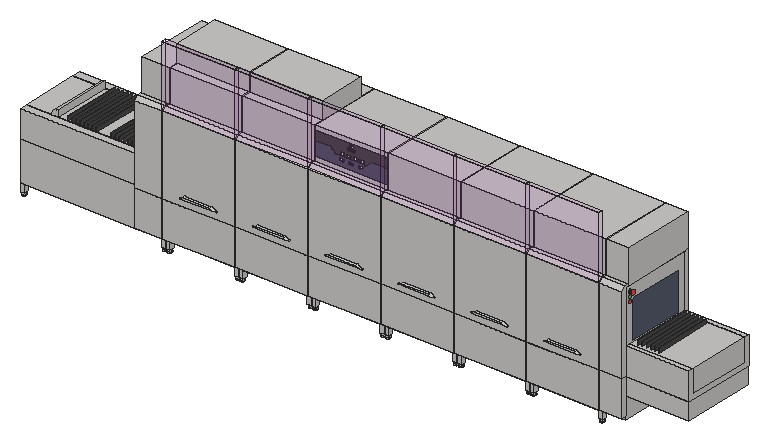
Revit family "QF_ELECTROLUXPROFESSIONAL_520130_EFTD108EL2U3D1M5ER386", category Attrezzature speciali, Revit 2020
Family settings
  Quota connettore circolare = Usa diametro
  Tipo di parte = Normale
  Basato su piano di lavoro = No
  Sempre verticale = Sì
  Taglio con vuoti quando caricato = No
  Condiviso = No
  Punto di calcolo locali = No
Parameters (values of type "Standard")
  Weight = 1602.00 kg
  Watts = 87700 W
  Volts = 380 V
  URL Manufacturer = "https://www.electroluxprofessional.com/"
  URL = "https://www.electroluxprofessional.com/"
  Steam Supply Size = 0 mm
  Steam Supply Minimum Pressure = 0.0 Pa
  Steam Supply Maximum Pressure = 0.0 Pa
  Steam Consumption per Hour = 0
  Show Logo [instance] = yes
  Show Clearance [instance] = yes
  Refrigeration Suction Line Size = 0 mm
  Refrigeration Liquid Line Size = 0 mm
  Refrigerant Compressor Remote = yes
  Prospetto di default = 0 mm
  Produttore = "Electrolux Professional"
  Phase = 3
  Modello = "EFTD108EL2U3D1M5ER386"
  Length Actual = 7350 mm  # constant formula
  Item Number = "520130"
  Hot Water Size = 0 mm
  Height Actual = 1983 mm  # constant formula
  HP = "117.6 HP"
  Gas Size = 0 mm
  Gas KW = 0
  Gas Input Pressure = 0 W
  Direct Waste Size = 50.8 mm
  Descrizione = "FT, 4TANKS, 10800D/H, EL., 950MM LOADING, 1600MM UNLOADING, 1DRYER, 55MM CONVEYOR,ESD,R>L,380V60HZ3P"
  Depth Actual = 946 mm  # constant formula
  Cycle = 60 Hz
  Condensate Return Size = 0 mm
  Compressed Air Volume = 0.0 L/s
  Compressed Air Size = 0 mm
  Compressed Air Pressure = 0.0 Pa
  Cold Water Size = 0 mm
  Accessory = yes
Reference planes
  plane 1 "Centro (Fronte/Retro)": y = 0
  plane 2: z = 0
  plane 3 "Centro (Sinistra/Destra)": x = 0
  plane 4: z = 115
Forms (mm)
  Extrusion 1, solid, material "QF_Finishes_Stainless Steel"
    sketch origin (2882.404, 2, 1806.023) x (1, 0, 0) y (0, 0, 1)
      loop
        line (407.596, -163.023) -> (407.596, -183.023) -> (427.596, -183.023) -> (427.596, -163.023) -> (407.596, -163.023)
    from 0 to 2
  Extrusion 2, solid, material "QF_Finishes_Stainless Steel"
    sketch origin (-5.617, 22.464, 1290.159) x (0, 0, -1) y (0, 1, 0)
      loop
        circle (1102.159, -772.464) r 25
    from -9.383 to 5.617
  Extrusion 3, solid, material "QF_Finishes_Stainless Steel"
    sketch origin (3542.404, 2, 337.984) x (1, 0, 0) y (0, 0, 1)
      loop
        line (407.596, -163.023) -> (407.596, -183.023) -> (427.596, -183.023) -> (427.596, -163.023) -> (407.596, -163.023)
    from 0 to 2
  Extrusion 4, solid, material "QF_Finishes_Stainless Steel"
    sketch origin (947.841, 200.464, 109.383) x (1, 0, 0) y (0, 1, 0)
      loop
        circle (1102.159, -772.464) r 10
    from -9.383 to 5.617
Dimensions and locks
  plane 4 to level = 115 mm
  aligned and locked: level to plane 2
Nested families
  nested 1: "MODULO_CENTER_800_FAN" at (1983.563, -388.258, 0), Show Clearance <- "Show Clearance", type "MODULO_CENTER_800_FAN"
    with Show Logo yes, Show Clearance yes, R_L no, L_R yes
  nested 2: "MODULO_CENTER_800_FAN" at (2783.563, -388.258, 0), Show Clearance <- "Show Clearance", type "MODULO_CENTER_800_FAN"
    with Show Logo yes, Show Clearance yes, R_L no, L_R yes
  nested 3: "MODULO_CENTER_800" at (3583.563, -388.258, 0), Show Clearance <- "Show Clearance", type "MODULO_CENTER_800"
    with Show Logo yes, Show Clearance yes, R_L no, L_R yes
  nested 4: "MODULO_ENTRY_DISH_950" at (6791.437, -523.742, 0) x (-1, 0, 0) z (0, 0, 1), type "MODULO_ENTRY_DISH_950"
    with Show Logo yes, Show Clearance yes, R_L yes, L_R no
  nested 5: "MODULO_USCITA_DISH_1600" at (1241.437, -523.742, 0) x (-1, 0, 0) z (0, 0, 1), type "MODULO_USCITA_DISH_1600"
    with Show Logo yes, Show Clearance yes, R_L no, L_R yes
  nested 6: "Piedino_Square_115H" at (23.5, -838.5, 0), type "Piedino_Square_115H"
  nested 7: "Piedino_Square_115H" at (23.5, -73.5, 0), type "Piedino_Square_115H"
  nested 8: "Piedino_Square_115H" at (1576.5, -838.5, 0), type "Piedino_Square_115H"
  nested 9: "Piedino_Square_115H" at (1576.5, -73.5, 0), type "Piedino_Square_115H"
  nested 10: "Piedino_Square_115H" at (1623.5, -838.5, 0), type "Piedino_Square_115H"
  nested 11: "Piedino_Square_115H" at (1623.5, -73.5, 0), type "Piedino_Square_115H"
  nested 12: "Piedino_Square_115H" at (2376.5, -838.5, 0), type "Piedino_Square_115H"
  nested 13: "Piedino_Square_115H" at (2376.5, -73.5, 0), type "Piedino_Square_115H"
  nested 14: "Piedino_Square_115H" at (2423.5, -838.5, 0) x (-1, 0, 0) z (0, 0, 1), type "Piedino_Square_115H"
  nested 15: "Piedino_Square_115H" at (2423.5, -73.5, 0) x (-1, 0, 0) z (0, 0, 1), type "Piedino_Square_115H"
  nested 16: "Piedino_Square_115H" at (3176.5, -838.5, 0) x (-1, 0, 0) z (0, 0, 1), type "Piedino_Square_115H"
  nested 17: "Piedino_Square_115H" at (3176.5, -73.5, 0) x (-1, 0, 0) z (0, 0, 1), type "Piedino_Square_115H"
  nested 18: "Piedino_Square_115H" at (3223.5, -838.5, 0), type "Piedino_Square_115H"
  nested 19: "Piedino_Square_115H" at (3223.5, -73.5, 0), type "Piedino_Square_115H"
  nested 20: "Piedino_Square_115H" at (3976.5, -838.5, 0), type "Piedino_Square_115H"
  nested 21: "Piedino_Square_115H" at (3976.5, -73.5, 0), type "Piedino_Square_115H"
  nested 22: "MANIGLIA_FLIGHT_400" at (3600, -912, 639.28) x (1, 0, 0) z (0, -1, 0), type "MANIGLIA_FLIGHT_400"
  nested 23: "MANIGLIA_FLIGHT_400" at (2800, -912, 639.28) x (1, 0, 0) z (0, -1, 0), type "MANIGLIA_FLIGHT_400"
  nested 24: "MANIGLIA_FLIGHT_400" at (2000, -912, 639.28) x (1, 0, 0) z (0, -1, 0), type "MANIGLIA_FLIGHT_400"
  nested 25: "MODULO_CENTER_800" at (4416.437, -388.258, 0) x (-1, 0, 0) z (0, 0, 1), Show Clearance <- "Show Clearance", type "MODULO_CENTER_800"
    with Show Logo yes, Show Clearance yes, R_L no, L_R yes
  nested 26: "Piedino_Square_115H" at (4776.5, -838.5, 0) x (-1, 0, 0) z (0, 0, 1), type "Piedino_Square_115H"
  nested 27: "Piedino_Square_115H" at (4776.5, -73.5, 0) x (-1, 0, 0) z (0, 0, 1), type "Piedino_Square_115H"
  nested 28: "Piedino_Square_115H" at (4023.5, -838.5, 0) x (-1, 0, 0) z (0, 0, 1), type "Piedino_Square_115H"
  nested 29: "Piedino_Square_115H" at (4023.5, -73.5, 0) x (-1, 0, 0) z (0, 0, 1), type "Piedino_Square_115H"
  nested 30: "MANIGLIA_FLIGHT_400" at (4400, -912, 639.28) x (-1, 0, 0) z (0, -1, 0), type "MANIGLIA_FLIGHT_400"
  nested 31: "MODULO_CENTER_800" at (5183.563, -388.258, 0), Show Clearance <- "Show Clearance", type "MODULO_CENTER_800"
    with Show Logo yes, Show Clearance yes, R_L no, L_R yes
  nested 32: "Piedino_Square_115H" at (4823.5, -838.5, 0), type "Piedino_Square_115H"
  nested 33: "Piedino_Square_115H" at (4823.5, -73.5, 0), type "Piedino_Square_115H"
  nested 34: "Piedino_Square_115H" at (5576.5, -838.5, 0), type "Piedino_Square_115H"
  nested 35: "Piedino_Square_115H" at (5576.5, -73.5, 0), type "Piedino_Square_115H"
  nested 36: "MANIGLIA_FLIGHT_400" at (5200, -912, 639.28) x (1, 0, 0) z (0, -1, 0), type "MANIGLIA_FLIGHT_400"
  nested 37: "MODULO_CENTER_800" at (6016.437, -388.258, 0) x (-1, 0, 0) z (0, 0, 1), Show Clearance <- "Show Clearance", type "MODULO_CENTER_800"
    with Show Logo yes, Show Clearance yes, R_L no, L_R yes
  nested 38: "Piedino_Square_115H" at (6376.5, -838.5, 0) x (-1, 0, 0) z (0, 0, 1), type "Piedino_Square_115H"
  nested 39: "Piedino_Square_115H" at (6376.5, -73.5, 0) x (-1, 0, 0) z (0, 0, 1), type "Piedino_Square_115H"
  nested 40: "Piedino_Square_115H" at (5623.5, -838.5, 0) x (-1, 0, 0) z (0, 0, 1), type "Piedino_Square_115H"
  nested 41: "Piedino_Square_115H" at (5623.5, -73.5, 0) x (-1, 0, 0) z (0, 0, 1), type "Piedino_Square_115H"
  nested 42: "MANIGLIA_FLIGHT_400" at (6000, -912, 639.28) x (-1, 0, 0) z (0, -1, 0), type "MANIGLIA_FLIGHT_400"
  nested 43: "Schermo_Flight_800" at (3600, -815, 1593.097) x (1, 0, 0) z (0, -1, 0), type "Schermo_Flight_800"
  nested 44: "ELX_LOGO_WORDS_WHITE" at (3600, -816.6, 1683.097) x (1, 0, 0) z (0, -1, 0), Show Logo <- "Show Logo", visible <- "Show Logo", type "ELX_LOGO_WORDS_WHITE"
    with Show Logo yes
  nested 45: "ELX_LOGO_MONO_SMALL_WHITE" at (3590.08, -816.6, 1669.097) x (-1, 0, 0) z (0, -1, 0), Show Logo <- "Show Logo", visible <- "Show Logo", type "ELX_LOGO_MONO_SMALL_WHITE"
    with Show Logo yes
Connectors
  electrical at (3300, 2, 1633)
    settings: on Extrusion 1, index 69, voltage 0 V, apparent load 0 VA, apparent load phase1 0 VA, apparent load phase2 0 VA, apparent load phase3 0 VA, power factor 1, load classification "Altro", number of poles 1, system type 30, power factor state 1, is connector primary yes, connector utility no, sub classification motor no, connector description "EI"
  piping at (-15, -750, 188), diameter 50
    settings: on Extrusion 2, index 70, connector inside diameter 609.6 mm, connector length 0 mm, flow factor 0, pipe flow 0.0 L/s, pressure drop 0.0 Pa, fitting loss kfactor 0, connector angle 0.00°, fixture units 0, engagement length 0 mm, angle of deflection 0.00°, flow configuration 0, flow direction 0, fitting loss method 0, system type 29, joint type 0, gender type 0, connector reference index -1, connector utility 0, adjustable connector no, is connector primary yes, connector description "D"
  electrical at (3960, 2, 164.961)
    settings: on Extrusion 3, index 71, voltage 0 V, apparent load 0 VA, apparent load phase1 0 VA, apparent load phase2 0 VA, apparent load phase3 0 VA, power factor 1, load classification "Altro", number of poles 1, system type 30, power factor state 1, is connector primary no, connector utility no, sub classification motor no, connector description "EQ"
  piping at (2050, -572, 100), diameter 19.1
    settings: on Extrusion 4, index 72, connector inside diameter 609.6 mm, connector length 0 mm, flow factor 0, pipe flow 0.0 L/s, pressure drop 0.0 Pa, fitting loss kfactor 0, connector angle 0.00°, fixture units 0, engagement length 0 mm, angle of deflection 0.00°, flow configuration 0, flow direction 0, fitting loss method 0, system type 29, joint type 0, gender type 0, connector reference index -1, connector utility 0, adjustable connector no, is connector primary no, connector description "HWI/CWI"
Definition of nested family "MODULO_CENTER_800_FAN"
  Parameters (values of type "MODULO_CENTER_800_FAN")
    URL = "http://professional.electrolux.com"
    Show Logo [instance] = yes
    R_L [instance] = not(L_R)  # no
    Default Elevation = 0 mm
    Manufacturer = "Electrolux"
    Model = "ESR10E5"
    Length Actual = 800 mm
    Show Clearance [instance] = yes
    L_R [instance] = yes
    Height Actual = 1792 mm
    Description = "SINGLE RINSE RT, 100R/H, ELECTRIC 50HZ"
    Depth Actual = 912 mm
  Reference planes
    plane 1 "Center X": y = -67.742
    plane 2: z = 0
    plane 3 "LEFT": x = -383.563
    plane 4 "RIGHT": x = 416.437
    plane 5 "BACK": y = 388.258
    plane 6 "FEET": z = 115
    plane 7: z = 2092
    plane 8 "TOP": z = 1792
    plane 9 "FRONT": y = -523.742
    plane 10 "Left/Right": x = 16.437
    plane 11 "TopVent": z = 1983
  Forms (mm)
    Extrusion 1, solid
      sketch origin (416.437, 479.936, 4000) x (0, 1, 0) y (0, 0, 1)
        loop
          line (-91.678, -2208) -> (-906.678, -2208) -> (-906.678, -2580) -> (-91.678, -2580) -> (-91.678, -2208)
      from -800 to 0
    Extrusion 2, solid
      sketch origin (-383.563, 437.565, 3910) x (0, 1, 0) y (0, 0, 1)
        loop
          line (-99.307, -2490) -> (-911.307, -2490) -> (-911.307, -3552) -> (-99.307, -3552) -> (-99.307, -2490)
      from 800 to 0
    Extrusion 3, solid
      sketch origin (416.437, 479.936, 4299) x (0, 1, 0) y (0, 0, 1)
        loop
          line (-278.21, -2316) -> (-803.678, -2316) -> (-803.678, -2507) -> (-278.21, -2507) -> (-278.21, -2316)
      from -800 to 0
    Extrusion 4, solid
      sketch origin (16.437, 0, 1.5) x (0, 0, 1) y (0, -1, 0)
        loop
          line (356.5, -338.258) -> (356.5, 473.742) -> (113.5, 473.742) -> (113.5, -338.258) -> (356.5, -338.258)
      from 400 to -400
    Extrusion 5, solid
      sketch origin (16.437, 0, 0) x (0, 0, 1) y (0, -1, 0)
        loop
          line (1420, -338.258) -> (545, -338.258) -> (545, -388.258) -> (1420, -388.258) -> (1420, -338.258)
      from -400 to 400
    Extrusion 6, solid
      sketch origin (16.437, 0, 0) x (0, 0, 1) y (0, -1, 0)
        loop
          line (545, -388.258) -> (545, -338.258) -> (154, -338.258) -> (154, -388.258) -> (545, -388.258)
      from -400 to 400
    Extrusion 7, solid
      sketch origin (16.437, -882.484, -150) x (0, -1, 0) y (0, 0, 1)
        loop
          line (-358.742, 304) -> (-358.742, 695) -> (-408.742, 695) -> (-408.742, 304) -> (-358.742, 304)
      from -400 to 400
    Extrusion 8, solid
      sketch origin (16.437, -882.484, -151) x (0, -1, 0) y (0, 0, 1)
        loop
          line (-408.742, 1571) -> (-408.742, 696) -> (-358.742, 696) -> (-358.742, 1556) -> (-395.742, 1593) -> (-443.742, 1593) -> (-443.742, 1571) -> (-408.742, 1571)
      from -400 to 400
    Extrusion 9, solid, visible <- "Show Clearance"
      sketch origin (16.437, -882.484, 452) x (0, -1, 0) y (0, 0, 1)
        loop
          line (-408.742, 1640) -> (-408.742, 953.624) -> (-358.742, 953.624) -> (-358.742, 1640) -> (-408.742, 1640)
      from -400 to 400
  Dimensions and locks
    plane 3 "LEFT" to plane 4 "RIGHT" = 800 mm
    plane 5 "BACK" to plane 1 "Center X" to plane 9 "FRONT" = 456 mm, 456 mm
    plane 6 "FEET" to level = 115 mm  (x2)
    plane 6 "FEET" to plane 8 "TOP" = 1677 mm
    plane 5 "BACK" to plane 9 "FRONT" = 912 mm  (x2)
    plane 4 "RIGHT" to plane 3 "LEFT" = 800 mm
    plane 9 "FRONT" to plane 5 "BACK" = 912 mm
    level to plane 8 "TOP" = 1792 mm  (x2)
    plane 7 to level = 2092 mm
    plane 11 "TopVent" to plane 2 = 1983 mm
    plane 7 to plane 2 = 2092 mm
    Extrusion 2 to level = 1420 mm
    Extrusion 8 to level = 1442 mm
    plane 11 "TopVent" to level = 1983 mm
    aligned and locked: level to plane 2
Definition of nested family "MODULO_CENTER_800"
  Parameters (values of type "MODULO_CENTER_800")
    URL = "http://professional.electrolux.com"
    Show Logo [instance] = yes
    R_L [instance] = not(L_R)  # no
    Default Elevation = 0 mm
    Manufacturer = "Electrolux"
    Model = "ESR10E5"
    Length Actual = 800 mm
    Show Clearance [instance] = yes
    L_R [instance] = yes
    Height Actual = 1792 mm
    Description = "SINGLE RINSE RT, 100R/H, ELECTRIC 50HZ"
    Depth Actual = 912 mm
  Reference planes
    plane 1 "Center X": y = -67.742
    plane 2: z = 0
    plane 3 "LEFT": x = -383.563
    plane 4 "RIGHT": x = 416.437
    plane 5 "BACK": y = 388.258
    plane 6 "FEET": z = 115
    plane 7: z = 2092
    plane 8 "TOP": z = 1792
    plane 9 "FRONT": y = -523.742
    plane 10 "Left/Right": x = 16.437
  Forms (mm)
    Extrusion 1, solid
      sketch origin (416.437, 479.936, 4000) x (0, 1, 0) y (0, 0, 1)
        loop
          line (-91.678, -2208) -> (-906.678, -2208) -> (-906.678, -2580) -> (-91.678, -2580) -> (-91.678, -2208)
      from -800 to 0
    Extrusion 2, solid
      sketch origin (-383.563, 437.565, 3915) x (0, 1, 0) y (0, 0, 1)
        loop
          line (-99.307, -2495) -> (-911.307, -2495) -> (-911.307, -3557) -> (-99.307, -3557) -> (-99.307, -2495)
      from 800 to 0
    Extrusion 3, solid
      sketch origin (16.437, 0, 1.5) x (0, 0, 1) y (0, -1, 0)
        loop
          line (356.5, -338.258) -> (356.5, 473.742) -> (113.5, 473.742) -> (113.5, -338.258) -> (356.5, -338.258)
      from 400 to -400
    Extrusion 4, solid
      sketch origin (16.437, 0, 0) x (0, 0, 1) y (0, -1, 0)
        loop
          line (1420, -338.258) -> (545, -338.258) -> (545, -388.258) -> (1420, -388.258) -> (1420, -338.258)
      from -400 to 400
    Extrusion 5, solid
      sketch origin (16.437, 0, 0) x (0, 0, 1) y (0, -1, 0)
        loop
          line (545, -388.258) -> (545, -338.258) -> (154, -338.258) -> (154, -388.258) -> (545, -388.258)
      from -400 to 400
    Extrusion 6, solid
      sketch origin (16.437, -882.484, -150) x (0, -1, 0) y (0, 0, 1)
        loop
          line (-358.742, 304) -> (-358.742, 695) -> (-408.742, 695) -> (-408.742, 304) -> (-358.742, 304)
      from -400 to 400
    Extrusion 7, solid
      sketch origin (16.437, -882.484, -151) x (0, -1, 0) y (0, 0, 1)
        loop
          line (-408.742, 1571) -> (-408.742, 696) -> (-358.742, 696) -> (-358.742, 1556) -> (-395.742, 1593) -> (-443.742, 1593) -> (-443.742, 1571) -> (-408.742, 1571)
      from -400 to 400
    Extrusion 8, solid, visible <- "Show Clearance"
      sketch origin (16.437, -882.484, 452) x (0, -1, 0) y (0, 0, 1)
        loop
          line (-408.742, 1640) -> (-408.742, 953.624) -> (-358.742, 953.624) -> (-358.742, 1640) -> (-408.742, 1640)
      from -400 to 400
  Dimensions and locks
    plane 3 "LEFT" to plane 4 "RIGHT" = 800 mm
    plane 5 "BACK" to plane 1 "Center X" to plane 9 "FRONT" = 456 mm, 456 mm
    plane 6 "FEET" to level = 115 mm  (x2)
    plane 6 "FEET" to plane 8 "TOP" = 1677 mm
    plane 5 "BACK" to plane 9 "FRONT" = 912 mm  (x2)
    plane 4 "RIGHT" to plane 3 "LEFT" = 800 mm
    plane 9 "FRONT" to plane 5 "BACK" = 912 mm
    level to plane 8 "TOP" = 1792 mm  (x2)
    plane 7 to level = 2092 mm
    plane 7 to plane 2 = 2092 mm
    Extrusion 2 to level = 1420 mm
    Extrusion 7 to level = 1442 mm
    aligned and locked: level to plane 2
Definition of nested family "MODULO_ENTRY_DISH_950"
  Parameters (values of type "MODULO_ENTRY_DISH_950")
    URL = "http://professional.electrolux.com"
    Show Logo [instance] = yes
    R_L [instance] = not(L_R)  # no
    Default Elevation = 0 mm
    Manufacturer = "Electrolux"
    Model = "ESR10E5"
    Length Actual = 800 mm
    Show Clearance [instance] = yes
    L_R [instance] = yes
    Height Actual = 1792 mm
    Description = "SINGLE RINSE RT, 100R/H, ELECTRIC 50HZ"
    Depth Actual = 912 mm
  Reference planes
    plane 1 "Center (Front/Back)": y = -67.742
    plane 2: z = 0
    plane 3 "LEFT": x = -558.563
    plane 4 "RIGHT": x = 391.437
    plane 5 "BACK": y = 388.258
    plane 6 "FRONT": y = -523.742
    plane 7 "BUTTONS": y = -427.742
    plane 8: z = 115
    plane 9 "2": y = 292.258
  Forms (mm)
    Extrusion 1, solid, visible <- "L_R"
      sketch origin (391.437, 479.936, 4000) x (0, 1, 0) y (0, 0, 1)
        loop
          line (-91.678, -2208) -> (-906.678, -2208) -> (-906.678, -2580) -> (-91.678, -2580) -> (-91.678, -2208)
      from -250 to 0
    Extrusion 2, solid
      sketch origin (-358.563, 437.565, 3910) x (0, 1, 0) y (0, 0, 1)
        loop
          line (-99.307, -2490) -> (-911.307, -2490) -> (-911.307, -3552) -> (-99.307, -3552) -> (-99.307, -2490)
      from 750 to 500
    Extrusion 3, solid
      sketch origin (-558.563, 437.565, 3910) x (0, 1, 0) y (0, 0, 1)
        loop
          line (-99.307, -3365) -> (-99.307, -3060) -> (-149.307, -3060) -> (-149.307, -3315) -> (-861.307, -3315) -> (-861.307, -3060) -> (-911.307, -3060) -> (-911.307, -3365) -> (-99.307, -3365)
      from 700 to 0
    Extrusion 4, solid
      sketch origin (16.437, 0, -4.987) x (0, 0, 1) y (0, -1, 0)
        loop
          line (362.987, -338.258) -> (362.987, 473.742) -> (119.987, 473.742) -> (119.987, -338.258) -> (362.987, -338.258)
      from 375 to 125
    Extrusion 5, solid, visible <- "L_R"
      sketch origin (16.437, 0, 0) x (0, 0, 1) y (0, -1, 0)
        loop
          line (1420, -338.258) -> (545, -338.258) -> (545, -388.258) -> (1420, -388.258) -> (1420, -338.258)
      from 125 to 375
    Extrusion 6, solid
      sketch origin (16.437, 0, 0) x (0, 0, 1) y (0, -1, 0)
        loop
          line (545, -388.258) -> (545, -338.258) -> (154, -338.258) -> (154, -388.258) -> (545, -388.258)
      from 125 to 375
    Extrusion 7, solid
      sketch origin (-558.563, 437.565, 3607.258) x (0, 1, 0) y (0, 0, 1)
        loop
          line (-99.307, -3249.258) -> (-99.307, -3062.258) -> (-911.307, -3062.258) -> (-911.307, -3249.258) -> (-99.307, -3249.258)
      from 700 to 0
    Extrusion 8, solid
      sketch origin (-558.563, 437.565, 4000) x (0, 1, 0) y (0, 0, 1)
        loop
          line (-149.307, -3150) -> (-861.307, -3150) -> (-861.307, -3405) -> (-149.307, -3405) -> (-149.307, -3150)
      from 0 to 700
    Extrusion 9, solid
      sketch origin (266.437, -882.484, -150) x (0, -1, 0) y (0, 0, 1)
        loop
          line (-358.742, 304) -> (-358.742, 695) -> (-408.742, 695) -> (-408.742, 304) -> (-358.742, 304)
      from -125 to 125
    Extrusion 10, solid, visible <- "L_R"
      sketch origin (266.437, -882.484, -151) x (0, -1, 0) y (0, 0, 1)
        loop
          line (-408.742, 1571) -> (-408.742, 696) -> (-358.742, 696) -> (-358.742, 1556) -> (-395.742, 1593) -> (-443.742, 1593) -> (-443.742, 1571) -> (-408.742, 1571)
      from -125 to 125
    Extrusion 11, solid
      sketch origin (-358.563, 437.565, 4000) x (0, 1, 0) y (0, 0, 1)
        loop
          line (-199.307, -2725.701) -> (-811.307, -2725.701) -> (-811.307, -3137.701) -> (-199.307, -3137.701) -> (-199.307, -2725.701)
      from 495.458 to 500
    Extrusion 12, solid, visible <- "R_L"
      sketch origin (266.437, 747, -151) x (0, 1, 0) y (0, 0, -1)
        loop
          line (-408.742, -1571) -> (-443.742, -1571) -> (-443.742, -1593) -> (-395.742, -1593) -> (-358.742, -1556) -> (-358.742, -696) -> (-408.742, -696) -> (-408.742, -1571)
      from -125 to 125
    Extrusion 13, solid, visible <- "R_L"
      sketch origin (16.437, -135.484, 0) x (0, 0, 1) y (0, -1, 0)
        loop
          line (1420, 338.258) -> (1420, 388.258) -> (545, 388.258) -> (545, 338.258) -> (1420, 338.258)
      from 125 to 375
    Extrusion 14, solid, visible <- "R_L"
      sketch origin (391.437, -615.42, 4000) x (0, -1, 0) y (0, 0, -1)
        loop
          line (-91.678, 2208) -> (-91.678, 2580) -> (-906.678, 2580) -> (-906.678, 2208) -> (-91.678, 2208)
      from -250 to 0
    Extrusion 15, solid
      sketch origin (-191.477, -192.742, -3) x (-1, 0, 0) y (0, 0, 1)
        loop
          line (-26.676, 853) -> (-26.676, 898) -> (-36.676, 898) -> (-36.676, 853) -> (-26.676, 853)
      from -196 to 446
    Extrusion 16, solid
      sketch origin (-146.477, -192.742, -3) x (-1, 0, 0) y (0, 0, 1)
        loop
          line (-26.676, 853) -> (-26.676, 898) -> (-36.676, 898) -> (-36.676, 853) -> (-26.676, 853)
      from -196 to 446
    Extrusion 17, solid
      sketch origin (-101.477, -192.742, -3) x (-1, 0, 0) y (0, 0, 1)
        loop
          line (-26.676, 853) -> (-26.676, 898) -> (-36.676, 898) -> (-36.676, 853) -> (-26.676, 853)
      from -196 to 446
    Extrusion 18, solid
      sketch origin (-56.477, -192.742, -3) x (-1, 0, 0) y (0, 0, 1)
        loop
          line (-26.676, 853) -> (-26.676, 898) -> (-36.676, 898) -> (-36.676, 853) -> (-26.676, 853)
      from -196 to 446
    Extrusion 19, solid
      sketch origin (-11.477, -192.742, -3) x (-1, 0, 0) y (0, 0, 1)
        loop
          line (-26.676, 853) -> (-26.676, 898) -> (-36.676, 898) -> (-36.676, 853) -> (-26.676, 853)
      from -196 to 446
    Extrusion 20, solid
      sketch origin (33.523, -192.742, -3) x (-1, 0, 0) y (0, 0, 1)
        loop
          line (-26.676, 853) -> (-26.676, 898) -> (-36.676, 898) -> (-36.676, 853) -> (-26.676, 853)
      from -196 to 446
  Dimensions and locks
    plane 3 "LEFT" to plane 4 "RIGHT" = 950 mm
    plane 5 "BACK" to plane 1 "Center (Front/Back)" to plane 6 "FRONT" = 456 mm, 456 mm
    plane 5 "BACK" to plane 6 "FRONT" = 912 mm  (x2)
    plane 4 "RIGHT" to plane 3 "LEFT" = 950 mm  (x2)
    plane 6 "FRONT" to plane 5 "BACK" = 912 mm
    plane 8 to level = 115 mm
    Extrusion 1 to level = 1792 mm
    Extrusion 3 to level = 850 mm
    aligned and locked: level to plane 2
  Nested families
    nested 1: "BOTTONE_RED_STOP" at (141.437, -427.742, 1266.906) x (0, -1, 0) z (-1, 0, 0), visible <- "L_R", type "BOTTONE_RED_STOP"
    nested 2: "BOTTONE_EMERGENCY_STOP" at (141.437, -427.742, 1370) x (0, -1, 0) z (-1, 0, 0), visible <- "L_R", type "BOTTONE_EMERGENCY_STOP"
    nested 3: "BOTTONE_GREEN_START" at (141.437, -427.742, 1316.906) x (0, -1, 0) z (-1, 0, 0), visible <- "L_R", type "BOTTONE_GREEN_START"
    nested 4: "BOTTONE_RED_STOP" at (141.437, 292.258, 1267.906) x (0, 1, 0) z (-1, 0, 0), visible <- "R_L", type "BOTTONE_RED_STOP"
    nested 5: "BOTTONE_EMERGENCY_STOP" at (141.437, 292.258, 1371) x (0, 1, 0) z (-1, 0, 0), visible <- "R_L", type "BOTTONE_EMERGENCY_STOP"
    nested 6: "BOTTONE_GREEN_START" at (141.437, 292.258, 1317.906) x (0, 1, 0) z (-1, 0, 0), visible <- "R_L", type "BOTTONE_GREEN_START"
  Definition of nested family "BOTTONE_RED_STOP"
    Parameters (values of type "BOTTONE_RED_STOP")
      Default Elevation = 1219.2 mm
    Reference planes
      plane 1 "Centro (Fronte/Retro)": y = 0
      plane 2: z = 0
      plane 3 "Centro (Sinistra/Destra)": x = 0
    Forms (mm)
      Extrusion 1, solid
        sketch origin (0, 0, 0) x (1, 0, 0) y (0, 1, 0)
          loop
            line (-1219.2, 1219.2) -> (-1219.2, -1219.2) -> (1219.2, -1219.2) -> (1219.2, 1219.2) -> (-1219.2, 1219.2)
        from 0 to -304.8
      Extrusion 2, solid
        sketch origin (-367.513, 69.533, 15) x (-1, 0, 0) y (0, 1, 0)
          loop
            circle (-367.513, -69.533) r 15
        from 0 to 15
    Dimensions and locks
      aligned and locked: plane 2 to Extrusion 1
      aligned and locked: level to Extrusion 1
  Definition of nested family "BOTTONE_EMERGENCY_STOP"
    Parameters
      Default Elevation = 1219.2 mm
    Reference planes
      plane 1 "Centro (Fronte/Retro)": y = 0
      plane 2: z = 0
      plane 3 "Centro (Sinistra/Destra)": x = 0
    Forms (mm)
      Extrusion 1, solid
        sketch origin (0, 0, 0) x (1, 0, 0) y (0, 1, 0)
          loop
            line (-1219.2, 1219.2) -> (-1219.2, -1219.2) -> (1219.2, -1219.2) -> (1219.2, 1219.2) -> (-1219.2, 1219.2)
        from 0 to -304.8
      Extrusion 2, solid
        sketch origin (0, 0, 0) x (1, 0, 0) y (0, 1, 0)
          loop
            circle (0, 0) r 15
        from 0 to 20.273
      Blend 3, solid
        base sketch origin (-49.801, 0, 0) x (1, 0, 0) y (0, 1, 0)
          loop
            circle (49.801, 0) r 15
        top sketch origin (-49.801, 0, 0) x (1, 0, 0) y (0, 1, 0)
          loop
            circle (49.801, 0) r 25
        from 20.273 to 47.605
    Dimensions and locks
      aligned and locked: plane 2 to Extrusion 1
      aligned and locked: level to Extrusion 1
  Definition of nested family "BOTTONE_GREEN_START"
    Parameters (values of type "BOTTONE_GREEN_START")
      Default Elevation = 1219.2 mm
    Reference planes
      plane 1 "Centro (Fronte/Retro)": y = 0
      plane 2: z = 0
      plane 3 "Centro (Sinistra/Destra)": x = 0
    Forms (mm)
      Extrusion 1, solid
        sketch origin (0, 0, 0) x (1, 0, 0) y (0, 1, 0)
          loop
            line (-1219.2, 1219.2) -> (-1219.2, -1219.2) -> (1219.2, -1219.2) -> (1219.2, 1219.2) -> (-1219.2, 1219.2)
        from 0 to -304.8
      Extrusion 2, solid
        sketch origin (-367.513, 69.533, 15) x (-1, 0, 0) y (0, 1, 0)
          loop
            circle (-367.513, -69.533) r 15
        from 0 to 15
    Dimensions and locks
      aligned and locked: plane 2 to Extrusion 1
      aligned and locked: level to Extrusion 1
Definition of nested family "MODULO_USCITA_DISH_1600"
  Parameters (values of type "MODULO_USCITA_DISH_1600")
    URL = "http://professional.electrolux.com"
    Show Logo [instance] = yes
    R_L [instance] = not(L_R)  # yes
    Default Elevation = 0 mm
    Manufacturer = "Electrolux"
    Model = "ESR10E5"
    Length Actual = 800 mm
    Show Clearance [instance] = yes
    L_R [instance] = no
    Height Actual = 1792 mm
    Description = "SINGLE RINSE RT, 100R/H, ELECTRIC 50HZ"
    Depth Actual = 912 mm
  Reference planes
    plane 1 "Center (Front/Back)": y = -67.742
    plane 2: z = 0
    plane 3 "LEFT": x = -358.563
    plane 4 "BACK": y = 388.258
    plane 5 "FEET": z = 115
    plane 6 "TOP": z = 1792
    plane 7 "FRONT": y = -523.742
    plane 8: x = -358.563
    plane 9: y = -427.742
    plane 10 "RIGHT": x = 1241.437
  Forms (mm)
    Extrusion 1, solid, visible <- "R_L"
      sketch origin (-358.563, 479.936, 4003) x (0, 1, 0) y (0, 0, -1)
        loop
          line (-91.678, 2211) -> (-91.678, 2583) -> (-906.678, 2583) -> (-906.678, 2211) -> (-91.678, 2211)
      from -300 to 0
    Extrusion 2, solid
      sketch origin (-358.563, 437.565, 4003) x (0, 1, 0) y (0, 0, 1)
        loop
          line (-99.307, -3458) -> (-911.307, -3458) -> (-911.307, -3888) -> (-99.307, -3888) -> (-99.307, -3458)
      from 300 to 0
    Extrusion 3, solid
      sketch origin (-358.563, 479.936, 4003) x (0, 1, 0) y (0, 0, -1)
        loop
          line (-141.678, 2583) -> (-141.678, 3458) -> (-953.678, 3458) -> (-953.678, 2583) -> (-141.678, 2583)
      from -300 to 0
    Extrusion 4, solid
      sketch origin (391.437, 437.565, 3913) x (0, 1, 0) y (0, 0, -1)
        loop
          line (-99.307, 3368) -> (-911.307, 3368) -> (-911.307, 3063) -> (-826.307, 3063) -> (-826.307, 3318) -> (-184.307, 3318) -> (-184.307, 3063) -> (-99.307, 3063) -> (-99.307, 3368)
      from 450 to -850
    Extrusion 5, solid, visible <- "R_L"
      sketch origin (16.437, 0, 3) x (0, 0, 1) y (0, 1, 0)
        loop
          line (1417, 338.258) -> (1417, 388.258) -> (542, 388.258) -> (542, 338.258) -> (1417, 338.258)
      from 75 to 375
    Extrusion 6, solid
      sketch origin (16.437, 0, 3) x (0, 0, 1) y (0, 1, 0)
        loop
          line (542, 388.258) -> (151, 388.258) -> (151, 338.258) -> (542, 338.258) -> (542, 388.258)
      from 75 to 375
    Extrusion 7, solid
      sketch origin (391.437, 437.565, 3610.258) x (0, 1, 0) y (0, 0, -1)
        loop
          line (-99.307, 3495.258) -> (-911.307, 3495.258) -> (-911.307, 3065.258) -> (-99.307, 3065.258) -> (-99.307, 3495.258)
      from 450 to -850
    Extrusion 8, solid
      sketch origin (1241.437, 0, 3) x (0, 1, 0) y (0, 0, 1)
        loop
          line (253.258, 847) -> (-388.742, 847) -> (-388.742, 592) -> (253.258, 592) -> (253.258, 847)
      from 0 to -1300
    Extrusion 9, solid
      sketch origin (-358.563, 437.565, 3928) x (0, 1, 0) y (0, 0, 1)
        loop
          line (-811.307, -3065.701) -> (-199.307, -3065.701) -> (-199.307, -2653.701) -> (-811.307, -2653.701) -> (-811.307, -3065.701)
      from 300 to 304.77
    Extrusion 10, solid
      sketch origin (-208.563, -115, -147) x (0, 1, 0) y (0, 0, 1)
        loop
          line (-358.742, 301) -> (-358.742, 692) -> (-408.742, 692) -> (-408.742, 301) -> (-358.742, 301)
      from -150 to 150
    Extrusion 11, solid, visible <- "R_L"
      sketch origin (-208.563, -882.484, -151) x (0, -1, 0) y (0, 0, 1)
        loop
          line (-408.742, 1571) -> (-408.742, 696) -> (-358.742, 696) -> (-358.742, 1556) -> (-395.742, 1593) -> (-443.742, 1593) -> (-443.742, 1571) -> (-408.742, 1571)
      from -150 to 150
    Extrusion 12, solid
      sketch origin (-39.574, -192.742, -3) x (-1, 0, 0) y (0, 0, 1)
        loop
          line (-26.676, 853) -> (-26.676, 898) -> (-36.676, 898) -> (-36.676, 853) -> (-26.676, 853)
      from -196 to 446
    Extrusion 13, solid
      sketch origin (5.426, -192.742, -3) x (-1, 0, 0) y (0, 0, 1)
        loop
          line (-26.676, 853) -> (-26.676, 898) -> (-36.676, 898) -> (-36.676, 853) -> (-26.676, 853)
      from -196 to 446
    Extrusion 14, solid
      sketch origin (50.426, -192.742, -3) x (-1, 0, 0) y (0, 0, 1)
        loop
          line (-26.676, 853) -> (-26.676, 898) -> (-36.676, 898) -> (-36.676, 853) -> (-26.676, 853)
      from -196 to 446
    Extrusion 15, solid
      sketch origin (95.426, -192.742, -3) x (-1, 0, 0) y (0, 0, 1)
        loop
          line (-26.676, 853) -> (-26.676, 898) -> (-36.676, 898) -> (-36.676, 853) -> (-26.676, 853)
      from -196 to 446
    Extrusion 16, solid
      sketch origin (140.426, -192.742, -3) x (-1, 0, 0) y (0, 0, 1)
        loop
          line (-26.676, 853) -> (-26.676, 898) -> (-36.676, 898) -> (-36.676, 853) -> (-26.676, 853)
      from -196 to 446
    Extrusion 17, solid
      sketch origin (185.426, -192.742, -3) x (-1, 0, 0) y (0, 0, 1)
        loop
          line (-26.676, 853) -> (-26.676, 898) -> (-36.676, 898) -> (-36.676, 853) -> (-26.676, 853)
      from -196 to 446
    Extrusion 18, solid
      sketch origin (230.426, -192.742, -3) x (-1, 0, 0) y (0, 0, 1)
        loop
          line (-26.676, 853) -> (-26.676, 898) -> (-36.676, 898) -> (-36.676, 853) -> (-26.676, 853)
      from -196 to 446
    Extrusion 19, solid
      sketch origin (275.426, -192.742, -3) x (-1, 0, 0) y (0, 0, 1)
        loop
          line (-26.676, 853) -> (-26.676, 898) -> (-36.676, 898) -> (-36.676, 853) -> (-26.676, 853)
      from -196 to 446
    Revolve 20, solid
      sketch origin (460, 0, 850) x (1, 0, 0) y (0, 1, 0)
        loop
          line (430.204, 253.258) -> (430.204, -388.742) -> (502.335, -388.742) -> (502.335, 253.258) -> (430.204, 253.258)
        axis (430.204, 253.258) -> (430.204, -388.742)
      angle from 0 to -90
    Extrusion 21, solid, visible <- "L_R"
      sketch origin (-208.563, 747, -151) x (0, 1, 0) y (0, 0, -1)
        loop
          line (-408.742, -1571) -> (-443.742, -1571) -> (-443.742, -1593) -> (-395.742, -1593) -> (-358.742, -1556) -> (-358.742, -696) -> (-408.742, -696) -> (-408.742, -1571)
      from -150 to 150
    Extrusion 22, solid, visible <- "L_R"
      sketch origin (16.437, -135.484, 3) x (0, 0, 1) y (0, 1, 0)
        loop
          line (1417, -338.258) -> (542, -338.258) -> (542, -388.258) -> (1417, -388.258) -> (1417, -338.258)
      from 75 to 375
    Extrusion 23, solid, visible <- "L_R"
      sketch origin (-358.563, -615.42, 4003) x (0, -1, 0) y (0, 0, 1)
        loop
          line (-91.678, -2211) -> (-906.678, -2211) -> (-906.678, -2583) -> (-91.678, -2583) -> (-91.678, -2211)
      from -300 to 0
    Extrusion 24, solid
      sketch origin (440.426, -192.742, -3) x (-1, 0, 0) y (0, 0, 1)
        loop
          line (-26.676, 853) -> (-26.676, 898) -> (-36.676, 898) -> (-36.676, 853) -> (-26.676, 853)
      from -196 to 446
    Extrusion 25, solid
      sketch origin (485.426, -192.742, -3) x (-1, 0, 0) y (0, 0, 1)
        loop
          line (-26.676, 853) -> (-26.676, 898) -> (-36.676, 898) -> (-36.676, 853) -> (-26.676, 853)
      from -196 to 446
    Extrusion 26, solid
      sketch origin (530.426, -192.742, -3) x (-1, 0, 0) y (0, 0, 1)
        loop
          line (-26.676, 853) -> (-26.676, 898) -> (-36.676, 898) -> (-36.676, 853) -> (-26.676, 853)
      from -196 to 446
    Extrusion 27, solid
      sketch origin (575.426, -192.742, -3) x (-1, 0, 0) y (0, 0, 1)
        loop
          line (-26.676, 853) -> (-26.676, 898) -> (-36.676, 898) -> (-36.676, 853) -> (-26.676, 853)
      from -196 to 446
    Extrusion 28, solid
      sketch origin (620.426, -192.742, -3) x (-1, 0, 0) y (0, 0, 1)
        loop
          line (-26.676, 853) -> (-26.676, 898) -> (-36.676, 898) -> (-36.676, 853) -> (-26.676, 853)
      from -196 to 446
    Extrusion 29, solid
      sketch origin (665.426, -192.742, -3) x (-1, 0, 0) y (0, 0, 1)
        loop
          line (-26.676, 853) -> (-26.676, 898) -> (-36.676, 898) -> (-36.676, 853) -> (-26.676, 853)
      from -196 to 446
    Extrusion 30, solid
      sketch origin (710.426, -192.742, -3) x (-1, 0, 0) y (0, 0, 1)
        loop
          line (-26.676, 853) -> (-26.676, 898) -> (-36.676, 898) -> (-36.676, 853) -> (-26.676, 853)
      from -196 to 446
    Extrusion 31, solid
      sketch origin (755.426, -192.742, -3) x (-1, 0, 0) y (0, 0, 1)
        loop
          line (-26.676, 853) -> (-26.676, 898) -> (-36.676, 898) -> (-36.676, 853) -> (-26.676, 853)
      from -196 to 446
  Dimensions and locks
    plane 4 "BACK" to plane 1 "Center (Front/Back)" to plane 7 "FRONT" = 456 mm, 456 mm
    plane 5 "FEET" to level = 115 mm  (x2)
    plane 4 "BACK" to plane 7 "FRONT" = 912 mm  (x2)
    plane 7 "FRONT" to plane 4 "BACK" = 912 mm
    level to plane 6 "TOP" = 1792 mm
    plane 3 "LEFT" to plane 10 "RIGHT" = 1600 mm
    plane 8 to plane 10 "RIGHT" = 1600 mm
    plane 6 "TOP" to level = 1792 mm
    aligned and locked: level to plane 2
  Nested families
    nested 1: "BOTTONE_EMERGENCY_STOP" at (-58.563, -427.742, 1369) x (0, -1, 0) z (1, 0, 0), visible <- "R_L", type "BOTTONE_EMERGENCY_STOP"
    nested 2: "BOTTONE_GREEN_START" at (-58.563, -427.742, 1315.906) x (0, -1, 0) z (1, 0, 0), visible <- "R_L", type "BOTTONE_GREEN_START"
    nested 3: "BOTTONE_RED_STOP" at (-58.563, -427.742, 1265.906) x (0, -1, 0) z (1, 0, 0), visible <- "R_L", type "BOTTONE_RED_STOP"
    nested 4: "BOTTONE_EMERGENCY_STOP" at (-58.563, 292.258, 1369) x (0, 1, 0) z (1, 0, 0), visible <- "L_R", type "BOTTONE_EMERGENCY_STOP"
    nested 5: "BOTTONE_GREEN_START" at (-58.563, 292.258, 1315.906) x (0, 1, 0) z (1, 0, 0), visible <- "L_R", type "BOTTONE_GREEN_START"
    nested 6: "BOTTONE_RED_STOP" at (-58.563, 292.258, 1265.906) x (0, 1, 0) z (1, 0, 0), visible <- "L_R", type "BOTTONE_RED_STOP"
  Definition of nested family "BOTTONE_EMERGENCY_STOP"
    Parameters
      Default Elevation = 1219.2 mm
    Reference planes
      plane 1 "Centro (Fronte/Retro)": y = 0
      plane 2: z = 0
      plane 3 "Centro (Sinistra/Destra)": x = 0
    Forms (mm)
      Extrusion 1, solid
        sketch origin (0, 0, 0) x (1, 0, 0) y (0, 1, 0)
          loop
            line (-1219.2, 1219.2) -> (-1219.2, -1219.2) -> (1219.2, -1219.2) -> (1219.2, 1219.2) -> (-1219.2, 1219.2)
        from 0 to -304.8
      Extrusion 2, solid
        sketch origin (0, 0, 0) x (1, 0, 0) y (0, 1, 0)
          loop
            circle (0, 0) r 15
        from 0 to 20.273
      Blend 3, solid
        base sketch origin (-49.801, 0, 0) x (1, 0, 0) y (0, 1, 0)
          loop
            circle (49.801, 0) r 15
        top sketch origin (-49.801, 0, 0) x (1, 0, 0) y (0, 1, 0)
          loop
            circle (49.801, 0) r 25
        from 20.273 to 47.605
    Dimensions and locks
      aligned and locked: plane 2 to Extrusion 1
      aligned and locked: level to Extrusion 1
  Definition of nested family "BOTTONE_GREEN_START"
    Parameters (values of type "BOTTONE_GREEN_START")
      Default Elevation = 1219.2 mm
    Reference planes
      plane 1 "Centro (Fronte/Retro)": y = 0
      plane 2: z = 0
      plane 3 "Centro (Sinistra/Destra)": x = 0
    Forms (mm)
      Extrusion 1, solid
        sketch origin (0, 0, 0) x (1, 0, 0) y (0, 1, 0)
          loop
            line (-1219.2, 1219.2) -> (-1219.2, -1219.2) -> (1219.2, -1219.2) -> (1219.2, 1219.2) -> (-1219.2, 1219.2)
        from 0 to -304.8
      Extrusion 2, solid
        sketch origin (-367.513, 69.533, 15) x (-1, 0, 0) y (0, 1, 0)
          loop
            circle (-367.513, -69.533) r 15
        from 0 to 15
    Dimensions and locks
      aligned and locked: plane 2 to Extrusion 1
      aligned and locked: level to Extrusion 1
  Definition of nested family "BOTTONE_RED_STOP"
    Parameters (values of type "BOTTONE_RED_STOP")
      Default Elevation = 1219.2 mm
    Reference planes
      plane 1 "Centro (Fronte/Retro)": y = 0
      plane 2: z = 0
      plane 3 "Centro (Sinistra/Destra)": x = 0
    Forms (mm)
      Extrusion 1, solid
        sketch origin (0, 0, 0) x (1, 0, 0) y (0, 1, 0)
          loop
            line (-1219.2, 1219.2) -> (-1219.2, -1219.2) -> (1219.2, -1219.2) -> (1219.2, 1219.2) -> (-1219.2, 1219.2)
        from 0 to -304.8
      Extrusion 2, solid
        sketch origin (-367.513, 69.533, 15) x (-1, 0, 0) y (0, 1, 0)
          loop
            circle (-367.513, -69.533) r 15
        from 0 to 15
    Dimensions and locks
      aligned and locked: plane 2 to Extrusion 1
      aligned and locked: level to Extrusion 1
Definition of nested family "Piedino_Square_115H"
  Parameters (values of type "Piedino_Square_115H")
    Default Elevation = 0 mm
  Reference planes
    plane 1 "Centro (Fronte/Retro)": y = 0
    plane 2: z = 0
    plane 3 "Centro (Sinistra/Destra)": x = 0
    plane 4: z = 115
  Forms (mm)
    Extrusion 1, solid
      sketch origin (0, 0, 0) x (1, 0, 0) y (0, 1, 0)
        loop
          circle (0, 0) r 23
      from 0 to 5
    Extrusion 2, solid
      sketch origin (0, 0, 5) x (1, 0, 0) y (0, 1, 0)
        loop
          circle (0, 0) r 20
      from 0 to 25.777
    Extrusion 3, solid
      sketch origin (0, 0, 30.777) x (1, 0, 0) y (0, 1, 0)
        loop
          line (-23.5, 23.5) -> (-23.5, -23.5) -> (23.5, -23.5) -> (23.5, 23.5) -> (-23.5, 23.5)
      from 0 to 84.223
  Dimensions and locks
    plane 4 to level = 115 mm  (x2)
    radius of Extrusion 1 sketch curve = 23 mm
    aligned and locked: level to plane 2
    aligned and locked: Extrusion 1 to level
Definition of nested family "MANIGLIA_FLIGHT_400"
  Parameters
    Default Elevation = 1219.2 mm
  Reference planes
    plane 1 "Centro (Fronte/Retro)": y = 0
    plane 2: z = 0
    plane 3 "Centro (Sinistra/Destra)": x = 0
  Forms (mm)
    Extrusion 1, solid
      sketch origin (0, 0, 0) x (1, 0, 0) y (0, 1, 0)
        loop
          line (-1219.2, 1219.2) -> (-1219.2, -1219.2) -> (1219.2, -1219.2) -> (1219.2, 1219.2) -> (-1219.2, 1219.2)
      from 0 to -304.8
    Extrusion 2, solid
      sketch origin (-503, 656.113, -50) x (-1, 0, 0) y (0, 1, 0)
        loop
          line (-651.038, -638.613) -> (-703, -668.613) -> (-703, -673.613) -> (-658.503, -673.613) -> (-623.862, -653.613) -> (-382.138, -653.613) -> (-347.497, -673.613) -> (-303, -673.613) -> (-303, -668.613) -> (-354.962, -638.613) -> (-651.038, -638.613)
      from -86.258 to -50
    Extrusion 3, void
      sketch origin (0, -681.887, 358.742) x (0, 0, 1) y (0, 1, 0)
        loop
          line (-322.484, 684.387) -> (-353.281, 664.387) -> (-322.484, 664.387) -> (-322.484, 684.387)
      from -200 to 200
  Cuts and joins
    Extrusion 3 cuts Extrusion 2
  Dimensions and locks
    cut or joined group of Extrusion 2, Extrusion 3 to cut or joined group of Extrusion 2, Extrusion 3 = 400 mm
    cut or joined group of Extrusion 2, Extrusion 3 to cut or joined group of Extrusion 2, Extrusion 3 = 35 mm
    aligned and locked: plane 2 to Extrusion 1
    aligned and locked: level to Extrusion 1
Definition of nested family "Schermo_Flight_800"
  Parameters (values of type "Schermo_Flight_800")
    Default Elevation = 1219.2 mm
  Reference planes
    plane 1 "Center (Front/Back)": y = 0
    plane 2: z = 0
    plane 3 "Center (Left/Right)": x = 0
  Forms (mm)
    Extrusion 1, solid
      sketch origin (0, 0, 0) x (1, 0, 0) y (0, 1, 0)
        loop
          line (-1219.2, 1219.2) -> (-1219.2, -1219.2) -> (1219.2, -1219.2) -> (1219.2, 1219.2) -> (-1219.2, 1219.2)
      from 0 to -304.8
    Extrusion 2, solid
      sketch origin (0, -25, 0) x (1, 0, 0) y (0, 1, 0)
        loop
          line (-400, -82.94) -> (400, -82.94) -> (400, 70.507) -> (238.561, 70.507) -> (167.154, 20.507) -> (-167.154, 20.507) -> (-238.561, 70.507) -> (-400, 70.507) -> (-400, -82.94)
        loop
          line (-126.915, -7.668) -> (-126.915, -27.668) -> (-81.915, -27.668) -> (-81.915, -7.668) -> (-126.915, -7.668)
        loop
          line (-22.5, -7.668) -> (-22.5, -27.668) -> (22.5, -27.668) -> (22.5, -7.668) -> (-22.5, -7.668)
        loop
          line (126.915, -7.668) -> (81.915, -7.668) -> (81.915, -27.668) -> (126.915, -27.668) -> (126.915, -7.668)
      from 0 to 1.6
    Extrusion 3, solid
      sketch origin (0, -25, 0) x (1, 0, 0) y (0, 1, 0)
        loop
          line (-400, 177.06) -> (-400, 70.507) -> (-238.561, 70.507) -> (-167.154, 20.507) -> (167.154, 20.507) -> (238.561, 70.507) -> (400, 70.507) -> (400, 177.06) -> (-400, 177.06)
        loop
          line (-117.417, 56.68) -> (-117.417, 31.68) -> (-77.417, 31.68) -> (-77.417, 56.68) -> (-117.417, 56.68)
        loop
          line (-47.417, 56.68) -> (-47.417, 31.68) -> (-7.417, 31.68) -> (-7.417, 56.68) -> (-47.417, 56.68)
        loop
          line (27.583, 56.68) -> (27.583, 31.68) -> (67.583, 31.68) -> (67.583, 56.68) -> (27.583, 56.68)
        loop
          line (97.583, 56.68) -> (97.583, 31.68) -> (137.583, 31.68) -> (137.583, 56.68) -> (97.583, 56.68)
      from 0 to 1.6
    Extrusion 4, solid
      sketch origin (0, 0, 0) x (1, 0, 0) y (0, 1, 0)
        loop
          line (-117.417, 31.68) -> (-117.417, 6.68) -> (-77.417, 6.68) -> (-77.417, 31.68) -> (-117.417, 31.68)
        loop
          line (-47.417, 31.68) -> (-47.417, 6.68) -> (-7.417, 6.68) -> (-7.417, 31.68) -> (-47.417, 31.68)
        loop
          line (27.583, 31.68) -> (27.583, 6.68) -> (67.583, 6.68) -> (67.583, 31.68) -> (27.583, 31.68)
        loop
          line (97.583, 31.68) -> (97.583, 6.68) -> (137.583, 6.68) -> (137.583, 31.68) -> (97.583, 31.68)
        loop
          line (-126.915, -32.668) -> (-126.915, -52.668) -> (-81.915, -52.668) -> (-81.915, -32.668) -> (-126.915, -32.668)
        loop
          line (-22.5, -32.668) -> (-22.5, -52.668) -> (22.5, -52.668) -> (22.5, -32.668) -> (-22.5, -32.668)
        loop
          line (81.915, -32.668) -> (81.915, -52.668) -> (126.915, -52.668) -> (126.915, -32.668) -> (81.915, -32.668)
      from 0 to 1.6
  Dimensions and locks
    Extrusion 3 to Extrusion 3 = 800 mm
    Extrusion 2 to Extrusion 3 = 260 mm
    aligned and locked: plane 2 to Extrusion 1
    aligned and locked: level to Extrusion 1
Definition of nested family "ELX_LOGO_WORDS_WHITE"
  Parameters (values of type "ELX_LOGO_WORDS_WHITE")
    Show Logo [instance] = yes
    Default Elevation = 0 mm
  Reference planes
    plane 1 "Centro (Fronte/Retro)": y = 0
    plane 2: z = 0
    plane 3 "Centro (Sinistra/Destra)": x = 0
  Forms (mm)
    Extrusion 1, solid
      sketch origin (0, 0, 0) x (1, 0, 0) y (0, 1, 0)
        loop
          line (-1219.2, 1219.2) -> (-1219.2, -1219.2) -> (1219.2, -1219.2) -> (1219.2, 1219.2) -> (-1219.2, 1219.2)
      from 0 to -304.8
    Extrusion 2, solid, visible <- "Show Logo"
      sketch origin (0, 0, 0) x (1, 0, 0) y (0, 1, 0)
        loop
          line (-30.234, 10.561) -> (-37.67, 10.561) -> (-37.67, 1.902)
          arc (-37.67, 1.902) -> (-36.691, -0.461) -> (-34.329, -1.439) r 3.341
          line (-34.329, -1.439) -> (-30.09, -1.439) -> (-30.09, 0.503) -> (-33.845, 0.503)
          arc (-33.845, 0.503) -> (-35.079, 0.92) -> (-35.604, 2.112) r 1.615
          line (-35.604, 2.112) -> (-35.604, 3.829) -> (-30.555, 3.829) -> (-30.555, 5.779) -> (-35.604, 5.779) -> (-35.604, 8.617) -> (-30.234, 8.617) -> (-30.234, 10.561)
        loop
          line (-28.622, 10.561) -> (-28.622, -1.439) -> (-26.555, -1.439) -> (-26.555, 10.561) -> (-28.622, 10.561)
        loop
          line (16.27, 10.561) -> (16.27, -1.439) -> (18.338, -1.439) -> (18.338, 10.561) -> (16.27, 10.561)
        loop
          line (-23.137, 2.393) -> (-16.354, 2.393)
          arc (-16.354, 2.393) -> (-17.415, 6.119) -> (-21.043, 7.478) r 4.298
          arc (-21.043, 7.478) -> (-24.239, 5.857) -> (-25.151, 2.393) r 4.373
          arc (-25.151, 2.393) -> (-23.951, -0.505) -> (-21.053, -1.705) r 4.097
          arc (-21.053, -1.705) -> (-18.799, -1.372) -> (-16.908, -0.099) r 5.15
          line (-16.908, -0.099) -> (-18.133, 1.125)
          arc (-18.133, 1.125) -> (-19.74, 0.161) -> (-21.607, 0.323) r 3.039
          arc (-21.607, 0.323) -> (-22.746, 1.081) -> (-23.137, 2.393) r 2.013
        loop
          line (-23.085, 3.846) -> (-18.431, 3.846)
          arc (-18.431, 3.846) -> (-19.084, 5.22) -> (-20.519, 5.727) r 1.983
          arc (-20.519, 5.727) -> (-22.175, 5.295) -> (-23.085, 3.846) r 2.321
        loop
          line (-8.297, 4.711) -> (-6.999, 6.009)
          arc (-6.999, 6.009) -> (-8.627, 7.187) -> (-10.604, 7.539) r 4.497
          arc (-10.604, 7.539) -> (-13.621, 6.437) -> (-15.204, 3.642) r 4.652
          arc (-15.204, 3.642) -> (-12.536, -1.257) -> (-7.072, -0.127) r 4.684
          line (-7.072, -0.127) -> (-8.363, 1.163)
          arc (-8.363, 1.163) -> (-11.149, 0.242) -> (-13.145, 2.393) r 2.714
          arc (-13.145, 2.393) -> (-13.006, 4.094) -> (-11.835, 5.335) r 2.578
          arc (-11.835, 5.335) -> (-9.96, 5.621) -> (-8.297, 4.711) r 2.961
        loop
          line (-5.73, 10.561) -> (-5.73, 2.36)
          arc (-5.73, 2.36) -> (-5.551, 1.13) -> (-5.09, -0.025) r 5.301
          arc (-5.09, -0.025) -> (-3.615, -1.198) -> (-1.746, -1.445) r 3.531
          line (-1.746, -1.445) -> (-1.746, 0.492)
          arc (-1.746, 0.492) -> (-2.302, 0.534) -> (-2.82, 0.74) r 1.862
          arc (-2.82, 0.74) -> (-3.484, 1.442) -> (-3.662, 2.393) r 1.713
          line (-3.662, 2.393) -> (-3.662, 5.362) -> (-1.785, 5.362) -> (-1.785, 7.24) -> (-3.662, 7.24) -> (-3.662, 10.561) -> (-5.73, 10.561)
        loop
          arc (2.004, 3.123) -> (2.152, 3.988) -> (2.578, 4.755) r 2.607
          arc (2.578, 4.755) -> (3.817, 5.391) -> (5.208, 5.362) r 2.84
          line (5.208, 5.362) -> (5.208, 7.349)
          arc (5.208, 7.349) -> (3.39, 7.177) -> (2.004, 5.989) r 3.016
          line (2.004, 5.989) -> (2.004, 7.24) -> (-0.046, 7.24) -> (-0.046, -1.439) -> (2.004, -1.439) -> (2.004, 3.123)
        loop
          circle (10.262, 2.899) r 4.599
        loop
          circle (10.262, 2.899) r 2.787
        loop
          arc (25.793, 2.175) -> (25.283, 0.772) -> (23.898, 0.213) r 1.835
          arc (23.898, 0.213) -> (22.514, 0.772) -> (22.004, 2.175) r 1.835
          line (22.004, 2.175) -> (22.004, 7.24) -> (19.919, 7.24) -> (19.919, 2.003)
          arc (19.919, 2.003) -> (21.105, -0.701) -> (23.898, -1.659) r 3.675
          arc (23.898, -1.659) -> (26.723, -0.672) -> (27.877, 2.088) r 3.675
          line (27.877, 2.088) -> (27.877, 7.24) -> (25.793, 7.24) -> (25.793, 2.175)
        loop
          line (29.126, 7.24) -> (32.128, 3.164) -> (28.83, -1.442) -> (31.052, -1.442) -> (33.241, 1.615) -> (35.462, -1.442) -> (37.67, -1.442) -> (34.419, 3.211) -> (37.392, 7.24) -> (35.135, 7.24) -> (33.234, 4.663) -> (31.362, 7.24) -> (29.126, 7.24)
        loop
          line (-35.875, -6.414) -> (-37.523, -6.414) -> (-37.523, -10.564) -> (-36.621, -10.564) -> (-36.621, -9.135) -> (-35.625, -9.135)
          arc (-35.625, -9.135) -> (-34.509, -7.66) -> (-35.875, -6.414) r 1.372
        loop
          arc (-35.664, -8.32) -> (-35.322, -7.786) -> (-35.664, -7.253) r 0.587
          line (-35.664, -7.253) -> (-36.621, -7.253) -> (-36.621, -8.32) -> (-35.664, -8.32)
        loop
          line (-29.363, -6.414) -> (-31.04, -6.414) -> (-31.04, -10.564) -> (-30.138, -10.564) -> (-30.138, -9.135) -> (-29.265, -9.135) -> (-28.669, -10.564) -> (-27.7, -10.564) -> (-28.516, -8.814)
          arc (-28.516, -8.814) -> (-28.125, -8.347) -> (-27.994, -7.752) r 1.281
          arc (-27.994, -7.752) -> (-28.406, -6.804) -> (-29.363, -6.414) r 1.37
        loop
          line (-30.138, -7.253) -> (-30.138, -8.32) -> (-29.18, -8.32)
          arc (-29.18, -8.32) -> (-28.839, -7.786) -> (-29.18, -7.253) r 0.587
          line (-29.18, -7.253) -> (-30.138, -7.253)
        loop
          circle (-22.402, -8.489) r 2.156
        loop
          circle (-22.402, -8.489) r 1.368
        loop
          line (-16.703, -6.414) -> (-16.703, -10.564) -> (-15.823, -10.564) -> (-15.823, -9.114) -> (-14.261, -9.114) -> (-14.261, -8.184) -> (-15.823, -8.184) -> (-15.823, -7.308) -> (-14.111, -7.308) -> (-14.111, -6.414) -> (-16.703, -6.414)
        loop
          line (-10.611, -6.414) -> (-10.611, -9.216)
          arc (-10.611, -9.216) -> (-10.229, -10.166) -> (-9.284, -10.561) r 1.327
          line (-9.284, -10.561) -> (-7.945, -10.561) -> (-7.945, -9.777) -> (-9.204, -9.777)
          arc (-9.204, -9.777) -> (-9.668, -9.394) -> (-9.759, -8.799) r 0.845
          line (-9.759, -8.799) -> (-8.1, -8.799) -> (-8.1, -8.015) -> (-9.759, -8.015) -> (-9.759, -7.198) -> (-7.985, -7.198) -> (-7.985, -6.414) -> (-10.611, -6.414)
        loop
          arc (4.417, -6.94) -> (3.867, -6.489) -> (3.171, -6.345) r 1.485
          arc (3.171, -6.345) -> (2.528, -6.503) -> (2, -6.902) r 1.645
          arc (2, -6.902) -> (1.902, -7.844) -> (2.51, -8.571) r 1.217
          arc (2.51, -8.571) -> (3.021, -8.741) -> (3.506, -8.976) r 4.201
          arc (3.506, -8.976) -> (3.812, -9.337) -> (3.601, -9.761) r 0.43
          arc (3.601, -9.761) -> (3.209, -9.853) -> (2.819, -9.754) r 0.846
          arc (2.819, -9.754) -> (2.482, -9.511) -> (2.275, -9.15) r 0.983
          line (2.275, -9.15) -> (1.549, -9.489)
          arc (1.549, -9.489) -> (1.811, -9.993) -> (2.232, -10.374) r 1.595
          arc (2.232, -10.374) -> (2.71, -10.578) -> (3.227, -10.63) r 1.719
          arc (3.227, -10.63) -> (3.867, -10.503) -> (4.442, -10.197) r 2.246
          arc (4.442, -10.197) -> (4.697, -9.52) -> (4.566, -8.81) r 1.349
          arc (4.566, -8.81) -> (4.282, -8.482) -> (3.919, -8.245) r 1.564
          arc (3.919, -8.245) -> (3.46, -8.04) -> (2.99, -7.864) r 8.236
          arc (2.99, -7.864) -> (2.718, -7.441) -> (3.111, -7.128) r 0.375
          arc (3.111, -7.128) -> (3.581, -7.241) -> (3.943, -7.563) r 0.998
          line (3.943, -7.563) -> (4.417, -6.94)
        loop
          line (8.225, -6.414) -> (8.225, -10.561) -> (9.077, -10.561) -> (9.077, -6.414) -> (8.225, -6.414)
        loop
          circle (14.827, -8.488) r 1.29
        loop
          circle (14.827, -8.488) r 2.154
        loop
          line (20.548, -10.561) -> (21.409, -10.561) -> (21.409, -7.954) -> (23.306, -10.561) -> (24.135, -10.561) -> (24.135, -6.414) -> (23.274, -6.414) -> (23.274, -9.101) -> (21.377, -6.414) -> (20.548, -6.414) -> (20.548, -10.561)
        loop
          line (28.435, -10.561) -> (28.839, -9.667) -> (30.373, -9.667) -> (30.777, -10.561) -> (31.693, -10.561) -> (29.942, -6.414) -> (29.142, -6.414) -> (27.519, -10.561) -> (28.435, -10.561)
        loop
          line (29.99, -8.816) -> (29.579, -7.905) -> (29.18, -8.816) -> (29.99, -8.816)
        loop
          line (35.929, -9.777) -> (35.929, -6.414) -> (35.076, -6.414) -> (35.076, -10.561) -> (37.523, -10.561) -> (37.523, -9.777) -> (35.929, -9.777)
        loop
          arc (-1.8, -6.94) -> (-2.35, -6.489) -> (-3.046, -6.345) r 1.485
          arc (-3.046, -6.345) -> (-3.689, -6.503) -> (-4.218, -6.902) r 1.645
          arc (-4.218, -6.902) -> (-4.316, -7.844) -> (-3.708, -8.571) r 1.217
          arc (-3.708, -8.571) -> (-3.197, -8.741) -> (-2.712, -8.976) r 4.201
          arc (-2.712, -8.976) -> (-2.405, -9.337) -> (-2.616, -9.761) r 0.43
          arc (-2.616, -9.761) -> (-3.008, -9.853) -> (-3.399, -9.754) r 0.846
          arc (-3.399, -9.754) -> (-3.736, -9.511) -> (-3.942, -9.15) r 0.983
          line (-3.942, -9.15) -> (-4.668, -9.489)
          arc (-4.668, -9.489) -> (-4.407, -9.993) -> (-3.985, -10.374) r 1.595
          arc (-3.985, -10.374) -> (-3.507, -10.578) -> (-2.99, -10.63) r 1.719
          arc (-2.99, -10.63) -> (-2.351, -10.503) -> (-1.775, -10.197) r 2.246
          arc (-1.775, -10.197) -> (-1.521, -9.52) -> (-1.652, -8.81) r 1.349
          arc (-1.652, -8.81) -> (-1.936, -8.482) -> (-2.298, -8.245) r 1.564
          arc (-2.298, -8.245) -> (-2.757, -8.04) -> (-3.228, -7.864) r 8.236
          arc (-3.228, -7.864) -> (-3.5, -7.441) -> (-3.107, -7.128) r 0.375
          arc (-3.107, -7.128) -> (-2.636, -7.241) -> (-2.274, -7.563) r 0.998
          line (-2.274, -7.563) -> (-1.8, -6.94)
      from 0 to 1.644
  Dimensions and locks
    aligned and locked: plane 2 to Extrusion 1
    aligned and locked: level to Extrusion 1
Definition of nested family "ELX_LOGO_MONO_SMALL_WHITE"
  Parameters (values of type "ELX_LOGO_MONO_SMALL_WHITE")
    Show Logo [instance] = yes
    Default Elevation = 1219.2 mm
  Reference planes
    plane 1 "Center (Front/Back)": y = -49
    plane 2: z = 0
    plane 3 "Center (Left/Right)": x = -9.92
  Forms (mm)
    Extrusion 1, solid
      sketch origin (0, 0, 0) x (1, 0, 0) y (0, 1, 0)
        loop
          line (-1219.2, 1219.2) -> (-1219.2, -1219.2) -> (1219.2, -1219.2) -> (1219.2, 1219.2) -> (-1219.2, 1219.2)
      from 0 to -304.8
    Extrusion 2, solid, visible <- "Show Logo"
      sketch origin (84.462, 509.781, 0) x (1, 0, 0) y (0, 1, 0)
        loop
          line (-97.736, -569.727) -> (-97.736, -547.891)
          arc (-97.736, -547.891) -> (-105.808, -558.809) -> (-97.736, -569.727) r 11.42
        loop
          arc (-96.625, -569.727) -> (-87.544, -567.663) -> (-83.169, -559.442) r 11.191
          line (-83.169, -559.442) -> (-86.782, -559.442)
          arc (-86.782, -559.442) -> (-93.235, -562.062) -> (-96.625, -568.146) r 10.49
          line (-96.625, -568.146) -> (-96.625, -569.727)
        loop
          arc (-96.625, -549.472) -> (-93.235, -555.557) -> (-86.782, -558.176) r 10.49
          line (-86.782, -558.176) -> (-83.169, -558.176)
          arc (-83.169, -558.176) -> (-87.537, -549.888) -> (-96.625, -547.611) r 11.484
          line (-96.625, -547.611) -> (-96.625, -549.472)
        loop
          line (-82.34, -570.919) -> (-82.34, -546.65) -> (-106.642, -546.65) -> (-106.642, -570.919) -> (-82.34, -570.919)
      from 0 to 1.644
  Dimensions and locks
    aligned and locked: plane 2 to Extrusion 1
    aligned and locked: level to Extrusion 1
